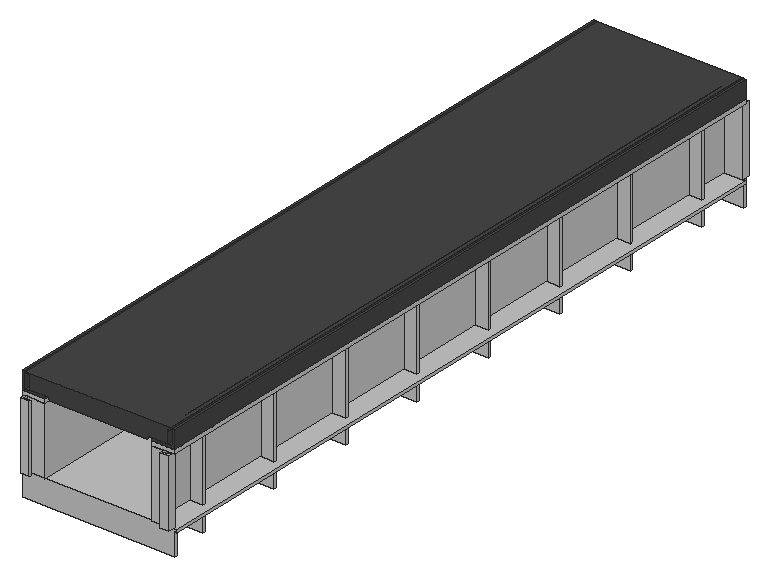
Revit family "Drain_Trench-Z874-U-12-HD", category Plumbing Fixtures, host Face, Revit 2020
Family settings
  Host = Face
  Round Connector Dimension = Use Radius
  Part Type = Normal
  OmniClass Number = 23.70.50.21.24
  OmniClass Title = Waste Water Drains
  Cut with Voids When Loaded = No
  Shared = No
  Room Calculation Point = No
Parameters (values of type "80 x 12 Wide Throat")
  Width of Throat = 1' - 0"
  Width = Width of Throat + 0' 5"  # 1' - 5"
  Waste Connection = no
  Vent Connection = no
  URL = "www.zurn.com"
  Trench Frame Depth = if(Frame Depth Specify 4.0 Min to 31.25 Max < 0' 4", 0' 4", if(Frame Depth Specify 4.0 Min to 31.25 Max > 2' 7 1/4", 2' 7 1/4", Frame Depth Specify 4.0 Min to 31.25 Max))  # 0' - 10"
  Sidewall = Polyethylene - Zurn Industries, LLC - High Density - Grey
  Product data url = "https://www.bimobject.com/en-us/zurnindustries/product/z874-u-12-utility-trench"
  Product Page URL = "https://www.zurn.com/products/building-drainage/trench-drainage/linear-trench-drain/sports-complex-recreational/z874-u-12-hd"
  Product Documentation Link = "https://www.zurn.com/media-library/web_documents/pdfs/specsheets/301354-pdf"
  Modified Date = ""
  Model = "Z874-U-12-HD"  # constant formula
  Manufacturer = "Zurn Industries, LLC"  # constant formula
  Length = 6' - 8"  # constant formula
  HW Connection = no
  Frame Depth Specify 4.0 Min to 31.25 Max = 0' - 10"
  Frame = Iron - Zurn Industries, LLC - Ductile - Painted Black
  Description = "Utility Trench with Steel Frame, 12 Inch Wide Throat Width and Cover"  # constant formula
  Default Elevation = 4' - 0"  # constant formula
  Date Created = "December 12, 2022"  # constant formula
  Cover = Iron - Zurn Industries, LLC - Ductile - Painted Black
  CW Connection = no
  Assembly Code = "D2030300"
Reference planes (in)
  plane 1 "Center (Front/Back)": y = 0
  plane 2: z = 0
  plane 3 "Center (Left/Right)": x = 0
  plane 4: y = 40
  plane 5: y = -40
  plane 6: z = -10
  plane 7: z = -12.75
  plane 8: y = -39.75
  plane 9: x = 8.333
  plane 10: x = 8.083
  plane 11: x = 7.333
  plane 12: y = -35
  plane 13: y = -34.875
  plane 14: y = -35.125
  plane 15: y = -25
  plane 16: y = -24.875
  plane 17: y = -25.125
  plane 18: y = -15
  plane 19: y = -14.875
  plane 20: y = -15.125
  plane 21: y = 24.87688
  plane 22: y = -5
  plane 23: y = 5
  plane 24: y = 15
  plane 25: y = 34.87688
  plane 26: y = -5
  plane 27: y = -4.875
  plane 28: y = -5.125
  plane 29: y = 5
  plane 30: y = 5.125
  plane 31: y = 4.875
  plane 32: y = 15
  plane 33: y = 15.125
  plane 34: y = 14.875
  plane 35: y = 24.87688
  plane 36: y = 25.00188
  plane 37: y = 24.75188
  plane 38: y = 34.87688
  plane 39: y = 35.00188
  plane 40: y = 34.75188
  plane 41: x = -8.5
  plane 42: x = 8.5
  plane 43: x = -8.25
  plane 44: x = 8.25
  plane 45: z = -2
  plane 46: z = -1.75
  plane 47: z = -2.25
  plane 48: z = -10.25
  plane 49: x = -6
  plane 50: x = 6
  plane 51: x = -8.333
  plane 52: x = -7.333
  plane 53: x = -8.083
  plane 54: x = -6.27
  plane 55: x = 6.27
  plane 56: x = 8.75
  plane 57: x = -8.75
  plane 58: y = 39.75
  plane 59: x = 7.77
  plane 60: y = -40.5625
  plane 61: y = 40.5625
  plane 62: y = 40.3125
  plane 63: y = -40.3125
  plane 64: x = -8.125
  plane 65: x = 8.125
  plane 66: z = -1.69
  plane 67: z = -2.13
  plane 68: x = 7.73
  plane 69: x = 7.38
  plane 70: z = -0.19
  plane 71: x = -7.73
  plane 72: x = -7.38
  plane 73: x = -5.75
  plane 74: x = 5.75
Forms (in)
  Extrusion 1, solid, material "Polyethylene - Zurn Industries, LLC - High Density - Grey" <- "Sidewall", detail levels fine
    sketch origin (0, 0, 0) x (1, 0, 0) y (0, 1, 0)
      loop
        line (6, -40) -> (8.083, -40) -> (8.083, -40.3125) -> (7.333, -40.3125) -> (7.333, -40.5625) -> (8.333, -40.5625) -> (8.333, -39.75) -> (6.27, -39.75) -> (6.27, -35.125) -> (7.77, -35.125) -> (7.77, -34.875) -> (6.27, -34.875) -> (6.27, -25.125) -> (7.77, -25.125) -> (7.77, -24.875) -> (6.27, -24.875) -> (6.27, -15.125) -> (7.77, -15.125) -> (7.77, -14.875) -> (6.27, -14.875) -> (6.27, -5.125) -> (7.77, -5.125) -> (7.77, -4.875) -> (6.27, -4.875) -> (6.27, 4.875) -> (7.77, 4.875) -> (7.77, 5.125) -> (6.27, 5.125) -> (6.27, 14.875) -> (7.77, 14.875) -> (7.77, 15.125) -> (6.27, 15.125) -> (6.27, 24.75188) -> (7.77, 24.75188) -> (7.77, 25.00188) -> (6.27, 25.00188) -> (6.27, 34.75188) -> (7.77, 34.75188) -> (7.77, 35.00188) -> (6.27, 35.00188) -> (6.27, 39.75) -> (8.333, 39.75) -> (8.333, 40.5625) -> (7.333, 40.5625) -> (7.333, 40.3125) -> (8.083, 40.3125) -> (8.083, 40) -> (6, 40) -> (6, -40)
    from -10 to -2.46852
  Extrusion 2, solid, material "Iron - Zurn Industries, LLC - Ductile - Painted Black" <- "Frame", detail levels fine
    sketch origin (0, 0, 0) x (1, 0, 0) y (0, 0, 1)
      loop
        line (6, -2) -> (8.5, -2) -> (8.5, 0) -> (8.25, 0) -> (8.25, -1.75) -> (6, -1.75) -> (6, -2)
      loop
        line (-6, -2) -> (-6, -1.75) -> (-8.25, -1.75) -> (-8.25, 0) -> (-8.5, 0) -> (-8.5, -2) -> (-6, -2)
    from -40 to 40
  Extrusion 3, solid, material "Polyethylene - Zurn Industries, LLC - High Density - Grey" <- "Sidewall", detail levels fine
    sketch origin (0, 0, 0) x (1, 0, 0) y (0, 1, 0)
      loop
        line (8.5, -40) -> (8.5, 40) -> (6, 40) -> (6, -40) -> (8.5, -40)
      loop
        line (-8.5, -40) -> (-6, -40) -> (-6, 40) -> (-8.5, 40) -> (-8.5, -40)
    from -2.46852 to -2
  Extrusion 4, solid, material "Polyethylene - Zurn Industries, LLC - High Density - Grey" <- "Sidewall", detail levels fine
    sketch origin (0, 0, 0) x (-1, 0, 0) y (0, -1, 0)
      loop
        line (6, 40) -> (6, -40) -> (8.083, -40) -> (8.083, -40.3125) -> (7.333, -40.3125) -> (7.333, -40.5625) -> (8.333, -40.5625) -> (8.333, -39.75) -> (6.27, -39.75) -> (6.27, -35.00188) -> (7.77, -35.00188) -> (7.77, -34.75188) -> (6.27, -34.75188) -> (6.27, -25.00188) -> (7.77, -25.00188) -> (7.77, -24.75188) -> (6.27, -24.75188) -> (6.27, -15.125) -> (7.77, -15.125) -> (7.77, -14.875) -> (6.27, -14.875) -> (6.27, -5.125) -> (7.77, -5.125) -> (7.77, -4.875) -> (6.27, -4.875) -> (6.27, 4.875) -> (7.77, 4.875) -> (7.77, 5.125) -> (6.27, 5.125) -> (6.27, 14.875) -> (7.77, 14.875) -> (7.77, 15.125) -> (6.27, 15.125) -> (6.27, 24.875) -> (7.77, 24.875) -> (7.77, 25.125) -> (6.27, 25.125) -> (6.27, 34.875) -> (7.77, 34.875) -> (7.77, 35.125) -> (6.27, 35.125) -> (6.27, 39.75) -> (8.333, 39.75) -> (8.333, 40.5625) -> (7.333, 40.5625) -> (7.333, 40.39) -> (8.083, 40.39) -> (8.083, 40) -> (6, 40)
    from -10 to -2.46852
  Extrusion 5, solid, material "Polyethylene - Zurn Industries, LLC - High Density - Grey" <- "Sidewall", detail levels fine
    sketch origin (0, 0, 0) x (1, 0, 0) y (0, 1, 0)
      loop
        line (-8.75, 39.75) -> (-8.75, -40) -> (8.75, -40) -> (8.75, 39.75) -> (-8.75, 39.75)
    from -10 to -10.25
  Extrusion 6, solid, material "Polyethylene - Zurn Industries, LLC - High Density - Grey" <- "Sidewall", detail levels fine
    sketch origin (0, 0, 0) x (1, 0, 0) y (0, 1, 0)
      loop
        line (8.5, 39.75) -> (8.5, 40) -> (-8.5, 40) -> (-8.5, 39.75) -> (8.5, 39.75)
      loop
        line (8.5, -39.75) -> (-8.5, -39.75) -> (-8.5, -40) -> (8.5, -40) -> (8.5, -39.75)
    from -10 to -12.75
  Extrusion 7, solid, material "Polyethylene - Zurn Industries, LLC - High Density - Grey" <- "Sidewall", detail levels fine
    sketch origin (0, 0, 0) x (1, 0, 0) y (0, 1, 0)
      loop
        line (7.77, -34.875) -> (-7.77, -34.875) -> (-7.77, -35.125) -> (7.77, -35.125) -> (7.77, -34.875)
    from -12.75 to -10.25
  Extrusion 8, solid, material "Polyethylene - Zurn Industries, LLC - High Density - Grey" <- "Sidewall", detail levels fine
    sketch origin (0, 10, 0) x (1, 0, 0) y (0, 1, 0)
      loop
        line (7.77, -34.875) -> (-7.77, -34.875) -> (-7.77, -35.125) -> (7.77, -35.125) -> (7.77, -34.875)
    from -12.75 to -10.25
  Extrusion 9, solid, material "Polyethylene - Zurn Industries, LLC - High Density - Grey" <- "Sidewall", detail levels fine
    sketch origin (0, 20, 0) x (1, 0, 0) y (0, 1, 0)
      loop
        line (7.77, -34.875) -> (-7.77, -34.875) -> (-7.77, -35.125) -> (7.77, -35.125) -> (7.77, -34.875)
    from -12.75 to -10.25
  Extrusion 10, solid, material "Polyethylene - Zurn Industries, LLC - High Density - Grey" <- "Sidewall", detail levels fine
    sketch origin (0, 30, 0) x (1, 0, 0) y (0, 1, 0)
      loop
        line (7.77, -34.875) -> (-7.77, -34.875) -> (-7.77, -35.125) -> (7.77, -35.125) -> (7.77, -34.875)
    from -12.75 to -10.25
  Extrusion 11, solid, material "Polyethylene - Zurn Industries, LLC - High Density - Grey" <- "Sidewall", detail levels fine
    sketch origin (0, 40, 0) x (1, 0, 0) y (0, 1, 0)
      loop
        line (7.77, -34.875) -> (-7.77, -34.875) -> (-7.77, -35.125) -> (7.77, -35.125) -> (7.77, -34.875)
    from -12.75 to -10.25
  Extrusion 12, solid, material "Polyethylene - Zurn Industries, LLC - High Density - Grey" <- "Sidewall", detail levels fine
    sketch origin (0, 50, 0) x (1, 0, 0) y (0, 1, 0)
      loop
        line (7.77, -34.875) -> (-7.77, -34.875) -> (-7.77, -35.125) -> (7.77, -35.125) -> (7.77, -34.875)
    from -12.75 to -10.25
  Extrusion 13, solid, material "Polyethylene - Zurn Industries, LLC - High Density - Grey" <- "Sidewall", detail levels fine
    sketch origin (0, 59.87688, 0) x (1, 0, 0) y (0, 1, 0)
      loop
        line (7.77, -34.875) -> (-7.77, -34.875) -> (-7.77, -35.125) -> (7.77, -35.125) -> (7.77, -34.875)
    from -12.75 to -10.25
  Extrusion 14, solid, material "Polyethylene - Zurn Industries, LLC - High Density - Grey" <- "Sidewall", detail levels fine
    sketch origin (0, 69.87688, 0) x (1, 0, 0) y (0, 1, 0)
      loop
        line (7.77, -34.875) -> (-7.77, -34.875) -> (-7.77, -35.125) -> (7.77, -35.125) -> (7.77, -34.875)
    from -12.75 to -10.25
  Extrusion 15, solid, material "Iron - Zurn Industries, LLC - Ductile - Painted Black" <- "Cover", detail levels fine
    sketch origin (0, 0, 0) x (1, 0, 0) y (0, 0, 1)
      loop
        line (8.125, 0) -> (-8.125, 0) -> (-8.125, -0.19) -> (-7.98, -0.19)
        arc (-7.98, -0.19) -> (-7.80322, -0.26322) -> (-7.73, -0.44) r 0.25
        line (-7.73, -0.44) -> (-7.73, -1.69) -> (-5.75, -1.69) -> (-5.44, -2) -> (5.41773, -2) -> (5.75, -1.69) -> (7.73, -1.69) -> (7.73, -0.44)
        arc (7.73, -0.44) -> (7.80322, -0.26322) -> (7.98, -0.19) r 0.25
        line (7.98, -0.19) -> (8.125, -0.19) -> (8.125, 0)
    from -40 to 40
  Extrusion 16, void, detail levels coarse+medium
    sketch origin (0, 0, 0) x (1, 0, 0) y (0, 1, 0)
      loop
        line (-8.75, 40.5625) -> (-8.75, -40.5625) -> (8.75, -40.5625) -> (8.75, 40.5625) -> (-8.75, 40.5625)
    from 0 to -12.75
Cuts and joins
  joined: Extrusion 5, Extrusion 6
Lines and regions (in)
  model lines, detail levels coarse+medium
    curve 1: line (-8.75, 40, 0) -> (8.75, 40, 0)
    curve 2: line (-8.75, -40, 0) -> (-8.75, 40, 0)
    curve 3: line (8.75, -40, 0) -> (-8.75, -40, 0)
    curve 4: line (8.75, 40, 0) -> (8.75, -40, 0)
    curve 5: line (-8.125, -40, 0) -> (-8.125, 40, 0)
    curve 6: line (8.125, 40, 0) -> (8.125, -40, 0)
  symbolic lines
    curve 7: line (-8.5, 0, 0) -> (-8.5, 0, -2.46852)
    curve 8: line (-8.5, 0, -2.46852) -> (-8.333, 0, -2.46852)
    curve 9: line (-8.333, 0, -2.46852) -> (-8.333, 0, -10)
    curve 10: line (-8.333, 0, -10) -> (-8.75, 0, -10)
    curve 11: line (-8.75, 0, -10) -> (-8.75, 0, -10.25)
    curve 12: line (-8.75, 0, -10.25) -> (-8.5, 0, -10.25)
    curve 13: line (-8.5, 0, -10.25) -> (-8.5, 0, -12.75)
    curve 14: line (-8.5, 0, -12.75) -> (8.5, 0, -12.75)
    curve 15: line (8.5, 0, -12.75) -> (8.5, 0, -10.25)
    curve 16: line (8.5, 0, -10.25) -> (8.75, 0, -10.25)
    curve 17: line (8.75, 0, -10.25) -> (8.75, 0, -10)
    curve 18: line (8.75, 0, -10) -> (8.333, 0, -10)
    curve 19: line (8.333, 0, -10) -> (8.333, 0, -2.46852)
    curve 20: line (8.333, 0, -2.46852) -> (8.5, 0, -2.46852)
    curve 21: line (8.5, 0, -2.46852) -> (8.5, 0, 0)
    curve 22: line (8.5, 0, 0) -> (-8.5, 0, 0)
    curve 23: line (-8.333, 0, -10) -> (8.333, 0, -10)
    curve 24: line (-8.333, 0, -2.46852) -> (-6, 0, -2.46852)
    curve 25: line (8.333, 0, -2.46852) -> (6, 0, -2.46852)
    curve 26: line (-6, 0, -1.75) -> (-6, 0, -10)
    curve 27: line (-8.25, 0, 0) -> (-8.25, 0, -1.75)
    curve 28: line (-8.25, 0, -1.75) -> (-6, 0, -1.75)
    curve 30: line (6, 0, -10) -> (6, 0, -1.75)
    curve 31: line (6, 0, -1.75) -> (8.25, 0, -1.75)
    curve 32: line (8.25, 0, -1.75) -> (8.25, 0, 0)
    curve 34: line (-8.125, 0, -0.04596) -> (-8.125, 0, -0.19)
    curve 35: line (-8.125, 0, -0.19) -> (-7.73, 0, -0.19)
    curve 36: line (-7.73, 0, -0.19) -> (-7.73, 0, -1.69)
    curve 37: line (-7.73, 0, -1.69) -> (-5.75, 0, -1.69)
    curve 38: line (-5.75, 0, -1.69) -> (-5.44, 0, -2)
    curve 39: line (-5.44, 0, -2) -> (5.41773, 0, -2)
    curve 40: line (5.41773, 0, -2) -> (5.75, 0, -1.69)
    curve 41: line (5.75, 0, -1.69) -> (7.73, 0, -1.69)
    curve 42: line (7.73, 0, -1.69) -> (7.73, 0, -0.19)
    curve 43: line (7.73, 0, -0.19) -> (8.18459, 0, -0.19)
    curve 44: line (8.18459, 0, -0.19) -> (8.18459, 0, 0)
    curve 45: line (0, -40.5625, -2.46852) -> (0, -40, -2.46852)
    curve 46: line (0, -40, -2.46852) -> (0, -40, 0)
    curve 47: line (0, -40, 0) -> (0, 40, 0)
    curve 48: line (0, 40, 0) -> (0, 40, -2.46852)
    curve 49: line (0, 40, -2.46852) -> (0, 40.5625, -2.46852)
    curve 50: line (0, 40.5625, -2.46852) -> (0, 40.5625, -10)
    curve 51: line (0, 40.5625, -10) -> (0, 40, -10)
    curve 52: line (0, 40, -10) -> (0, 40, -12.75)
    curve 53: line (0, 40, -12.75) -> (0, 39.75, -12.75)
    curve 54: line (0, 39.75, -12.75) -> (0, 39.75, -10.25)
    curve 55: line (0, 39.75, -10.25) -> (0, 35.00188, -10.25)
    curve 56: line (0, 35.00188, -10.25) -> (0, 35.00188, -12.75)
    curve 57: line (0, 35.00188, -12.75) -> (0, 34.75188, -12.75)
    curve 58: line (0, 34.75188, -12.75) -> (0, 34.75188, -10.25)
    curve 59: line (0, 34.75188, -10.25) -> (0, 25.00188, -10.25)
    curve 60: line (0, 25.00188, -10.25) -> (0, 25.00188, -12.75)
    curve 61: line (0, 25.00188, -12.75) -> (0, 24.75188, -12.75)
    curve 62: line (0, 24.75188, -12.75) -> (0, 24.75188, -10.25)
    curve 63: line (0, 24.75188, -10.25) -> (0, 15.125, -10.25)
    curve 64: line (0, 15.125, -10.25) -> (0, 15.125, -12.75)
    curve 65: line (0, 15.125, -12.75) -> (0, 14.875, -12.75)
    curve 66: line (0, 14.875, -12.75) -> (0, 14.875, -10.25)
    curve 67: line (0, 14.875, -10.25) -> (0, 5.125, -10.25)
    curve 68: line (0, 5.125, -10.25) -> (0, 5.125, -12.75)
    curve 69: line (0, 5.125, -12.75) -> (0, 4.875, -12.75)
    curve 70: line (0, 4.875, -12.75) -> (0, 4.875, -10.25)
    curve 71: line (0, 4.875, -10.25) -> (0, -4.875, -10.25)
    curve 72: line (0, -4.875, -10.25) -> (0, -4.875, -12.75)
    curve 73: line (0, -4.875, -12.75) -> (0, -5.125, -12.75)
    curve 74: line (0, -5.125, -12.75) -> (0, -5.125, -10.25)
    curve 75: line (0, -5.125, -10.25) -> (0, -14.875, -10.25)
    curve 76: line (0, -14.875, -10.25) -> (0, -14.875, -12.75)
    curve 77: line (0, -14.875, -12.75) -> (0, -15.125, -12.75)
    curve 78: line (0, -15.125, -12.75) -> (0, -15.125, -10.25)
    curve 79: line (0, -15.125, -10.25) -> (0, -24.875, -10.25)
    curve 80: line (0, -24.875, -10.25) -> (0, -24.875, -12.75)
    curve 81: line (0, -24.875, -12.75) -> (0, -25.125, -12.75)
    curve 82: line (0, -25.125, -12.75) -> (0, -25.125, -10.25)
    curve 83: line (0, -25.125, -10.25) -> (0, -34.875, -10.25)
    curve 84: line (0, -34.875, -10.25) -> (0, -34.875, -12.75)
    curve 85: line (0, -34.875, -12.75) -> (0, -35.125, -12.75)
    curve 86: line (0, -35.125, -12.75) -> (0, -35.125, -10.25)
    curve 87: line (0, -35.125, -10.25) -> (0, -39.75, -10.25)
    curve 88: line (0, -39.75, -10.25) -> (0, -39.75, -12.75)
    curve 89: line (0, -39.75, -12.75) -> (0, -40, -12.75)
    curve 90: line (0, -40, -12.75) -> (0, -40, -10)
    curve 91: line (0, -40, -10) -> (0, -40.5625, -10)
    curve 92: line (0, -40.5625, -10) -> (0, -40.5625, -2.46852)
    curve 95: line (0, 40, -2.46852) -> (0, -40, -2.46852)
    curve 96: line (-8.75, 40.5625, 0) -> (8.75, 40.5625, 0)
    curve 97: line (-8.75, -40.5625, 0) -> (-8.75, 40.5625, 0)
    curve 98: line (8.75, -40.5625, 0) -> (-8.75, -40.5625, 0)
    curve 99: line (8.75, 40.5625, 0) -> (8.75, -40.5625, 0)
    curve 100: line (-8.5, 40, 0) -> (8.5, 40, 0)
    curve 101: line (-8.5, -40, 0) -> (-8.5, 40, 0)
    curve 102: line (8.5, -40, 0) -> (-8.5, -40, 0)
    curve 103: line (8.5, 40, 0) -> (8.5, -40, 0)
  symbolic lines, detail levels fine
    curve 29: line (-8.5, 0, -2) -> (-6, 0, -2)
    curve 33: line (6, 0, -2) -> (8.5, 0, -2)
    curve 93: line (0, 40, -10) -> (0, -40, -10)
    curve 94: line (0, -40, -2) -> (0, 40, -2)
    curve 104: line (-8.125, -40, 0) -> (-8.125, 40, 0)
    curve 105: line (8.125, 40, 0) -> (8.125, -40, 0)
Dimensions and locks (in)
  equal spacing: plane 5, plane 1 "Center (Front/Back)", plane 4
  plane 5 to plane 4 = 6' - 8"
  "Trench Frame Depth": level to plane 6
  locked: plane 5 to plane 8 at 0.25
  locked: plane 5 to plane 12 at 5
  plane 13 to plane 12 to plane 14 = 0' - 0 1/8", 0' - 0 1/8"
  locked: plane 12 to plane 15 at 10
  plane 17 to plane 15 to plane 16 = 0' - 0 1/8" locked, 0' - 0 1/8" locked
  plane 20 to plane 18 to plane 19 = 0' - 0 1/8" locked, 0' - 0 1/8" locked
  locked: plane 15 to plane 18 at 10
  plane 18 to plane 22 to plane 23 to plane 24 to plane 21 = 0' - 10" locked, 0' - 10" locked, 0' - 10" locked, 0' - 9.87688" locked
  locked: plane 21 to plane 25 at 10
  plane 28 to plane 26 to plane 27 = 0' - 0 1/8" locked, 0' - 0 1/8" locked
  plane 31 to plane 29 to plane 30 = 0' - 0 1/8" locked, 0' - 0 1/8" locked
  plane 34 to plane 32 to plane 33 = 0' - 0 1/8" locked, 0' - 0 1/8" locked
  plane 37 to plane 35 to plane 36 = 0' - 0 1/8" locked, 0' - 0 1/8" locked
  plane 40 to plane 38 to plane 39 = 0' - 0 1/8" locked, 0' - 0 1/8" locked
  equal spacing: plane 41, plane 3 "Center (Left/Right)", plane 42
  "Width": plane 41 to plane 42
  locked: plane 44 to plane 42 at 0.25
  locked: plane 41 to plane 43 at 0.25
  locked: plane 2 to plane 45 at 2
  locked: plane 46 to plane 45 at 0.25
  locked: plane 45 to plane 47 at 0.25
  locked: plane 6 to plane 48 at 0.25
  locked: plane 6 to plane 7 at 2.75
  locked: plane 50 to plane 9 at 2.333
  plane 10 to plane 9 = 0' - 0 1/4"
  plane 11 to plane 9 = 0' - 1"
  locked: plane 51 to plane 49 at 2.333
  locked: plane 51 to plane 52 at 1
  locked: plane 51 to plane 53 at 0.25
  locked: plane 50 to plane 55 at 0.27
  locked: plane 54 to plane 49 at 0.27
  plane 50 to plane 56 = 0' - 2 3/4"
  locked: plane 57 to plane 49 at 2.75
  equal spacing: plane 49, plane 3 "Center (Left/Right)", plane 50
  "Width of Throat": plane 49 to plane 50
  locked: plane 50 to plane 59 at 1.77
  locked: plane 58 to plane 4 at 0.25
  locked: plane 60 to plane 1 "Center (Front/Back)" at 40.5625
  locked: plane 1 "Center (Front/Back)" to plane 61 at 40.5625
  plane 4 to plane 61 = 0' - 0 9/16"
  locked: plane 62 to plane 61 at 0.25
  locked: plane 60 to plane 5 at 0.5625
  locked: plane 60 to plane 63 at 0.25
  locked: plane 44 to plane 65 at 0.125
  locked: plane 64 to plane 43 at 0.125
  locked: plane 2 to plane 66 at 1.69
  locked: plane 2 to plane 67 at 2.13
  locked: plane 65 to plane 68 at 0.395
  locked: plane 68 to plane 69 at 0.35
  locked: plane 71 to plane 72 at 0.35
  locked: plane 71 to plane 64 at 0.395
  locked: plane 2 to plane 70 at 0.19
  locked: plane 73 to plane 49 at 0.25
  locked: plane 50 to plane 74 at 0.25
  aligned and locked: plane 2 to host face
  aligned and locked: Extrusion 1 sketch curve to Extrusion 1 sketch curve  (x12)
  aligned and locked: Extrusion 1 sketch curve to plane 39
  aligned and locked: Extrusion 1 sketch curve to plane 40
  aligned and locked: Extrusion 1 sketch curve to plane 36
  aligned and locked: Extrusion 1 sketch curve to plane 37
  aligned and locked: Extrusion 1 sketch curve to plane 9
  aligned and locked: Extrusion 1 sketch curve to plane 4
  aligned and locked: Extrusion 2 sketch curve to plane 45
  aligned and locked: Extrusion 2 sketch curve to plane 46  (x2)
  aligned and locked: Extrusion 2 sketch curve to plane 44
  aligned and locked: plane 42 to Extrusion 2 sketch curve
  aligned and locked: Extrusion 2 to plane 4
  aligned and locked: Extrusion 2 to plane 5
  aligned and locked: Extrusion 3 sketch curve to plane 4
  aligned and locked: plane 45 to Extrusion 3
  aligned and locked: plane 41 to Extrusion 2 sketch curve
  aligned and locked: Extrusion 2 sketch curve to plane 43
  aligned and locked: plane 45 to Extrusion 2 sketch curve
  aligned and locked: Extrusion 2 sketch curve to plane 49
  aligned and locked: Extrusion 1 sketch curve to plane 55  (x2)
  aligned and locked: plane 58 to Extrusion 1 sketch curve
  aligned and locked: Extrusion 1 sketch curve to plane 59  (x2)
  aligned and locked: plane 34 to Extrusion 1 sketch curve
  aligned and locked: plane 50 to Extrusion 1 sketch curve
  aligned and locked: Extrusion 1 sketch curve to plane 5
  aligned and locked: plane 11 to Extrusion 1 sketch curve
  aligned and locked: plane 9 to Extrusion 1 sketch curve
  aligned and locked: Extrusion 1 sketch curve to plane 10
  aligned and locked: Extrusion 1 sketch curve to plane 8
  aligned and locked: Extrusion 4 sketch curve to Extrusion 4 sketch curve  (x12)
  aligned and locked: Extrusion 5 sketch curve to plane 5
  aligned and locked: Extrusion 5 sketch curve to plane 57
  aligned and locked: Extrusion 5 sketch curve to plane 56
  aligned and locked: Extrusion 5 to Extrusion 6 sketch curve
  aligned and locked: plane 4 to Extrusion 6 sketch curve
  aligned and locked: Extrusion 6 to plane 7
  aligned and locked: Extrusion 6 to plane 6
  aligned and locked: plane 41 to Extrusion 6 sketch curve
  aligned and locked: Extrusion 6 sketch curve to plane 42
  aligned and locked: Extrusion 4 sketch curve to plane 61
  aligned and locked: plane 61 to Extrusion 1 sketch curve
  aligned and locked: plane 62 to Extrusion 1 sketch curve
  aligned and locked: plane 62 to Extrusion 4 sketch curve
  aligned and locked: plane 60 to Extrusion 4 sketch curve
  aligned and locked: plane 63 to Extrusion 1 sketch curve
  aligned and locked: Extrusion 1 sketch curve to plane 60
  aligned and locked: Extrusion 7 sketch curve to Extrusion 1  (x2)
  aligned and locked: Extrusion 7 sketch curve to Extrusion 4  (x2)
  aligned and locked: Extrusion 7 to plane 48
  aligned and locked: plane 7 to Extrusion 7
  aligned and locked: Extrusion 15 sketch curve to plane 70  (x2)
  aligned and locked: Extrusion 15 sketch curve to plane 66  (x2)
  aligned and locked: Extrusion 15 to plane 5
  aligned and locked: Extrusion 15 to plane 4
  aligned and locked: plane 6 to Extrusion 1
  aligned and locked: Extrusion 4 to plane 6
  aligned and locked: Extrusion 15 sketch curve to level
  aligned and locked: level to Extrusion 15
  aligned and locked: level to Extrusion 2  (x2)
  aligned and locked: plane 70 to Extrusion 15
  aligned and locked: Extrusion 15 to plane 70
  aligned and locked: plane 66 to Extrusion 15
  aligned and locked: Extrusion 15 to plane 66
  aligned and locked: level to Extrusion 2 sketch curve
  aligned and locked: Extrusion 2 sketch curve to level
  aligned and locked: Extrusion 3 sketch curve to plane 42
  aligned and locked: plane 6 to cut or joined group of Extrusion 5, Extrusion 6
  aligned and locked: cut or joined group of Extrusion 5, Extrusion 6 to plane 48
  aligned and locked: plane 48 to Extrusion 8
  aligned and locked: Extrusion 8 to plane 7
  aligned and locked: Extrusion 9 to plane 7
  aligned and locked: Extrusion 9 to plane 48
  aligned and locked: Extrusion 10 to plane 7
  aligned and locked: Extrusion 10 to plane 48
  aligned and locked: Extrusion 11 to plane 7
  aligned and locked: Extrusion 11 to plane 48
  aligned and locked: Extrusion 12 to plane 7
  aligned and locked: Extrusion 12 to plane 48
  aligned and locked: Extrusion 13 to plane 7
  aligned and locked: Extrusion 13 to plane 48
  aligned and locked: Extrusion 14 to plane 7
  aligned and locked: Extrusion 14 to plane 48
  aligned and locked: Extrusion 6 sketch curve to plane 8
  aligned and locked: Extrusion 6 sketch curve to plane 5
  aligned and locked: Extrusion 6 sketch curve to Extrusion 2
  aligned and locked: Extrusion 2 to Extrusion 6 sketch curve
  aligned and locked: Extrusion 3 sketch curve to plane 5  (x2)
  aligned and locked: Extrusion 15 sketch curve to plane 45
  aligned and locked: curve 3 to plane 5
  aligned and locked: plane 4 to curve 1
  aligned and locked: curve 4 to plane 56
  aligned and locked: curve 2 to plane 57
  aligned and locked: curve 6 to plane 65
  aligned and locked: plane 64 to curve 5
  aligned and locked: Extrusion 16 sketch curve to plane 61
  aligned and locked: Extrusion 16 sketch curve to plane 56
  aligned and locked: Extrusion 16 sketch curve to plane 57
  aligned and locked: Extrusion 16 sketch curve to plane 60
  aligned and locked: Extrusion 16 to level
  aligned and locked: Extrusion 16 to plane 7
  aligned and locked: plane 9 to curve 19
  aligned and locked: Extrusion 3 to curve 20
  aligned and locked: plane 42 to curve 21
  aligned and locked: curve 18 to plane 6
  aligned and locked: plane 56 to curve 17
  aligned and locked: plane 48 to curve 16
  aligned and locked: plane 42 to curve 15
  aligned and locked: curve 14 to plane 7
  aligned and locked: curve 12 to plane 48
  aligned and locked: curve 13 to plane 41
  aligned and locked: plane 57 to curve 11
  aligned and locked: curve 7 to plane 41
  aligned and locked: curve 8 to Extrusion 4
  aligned and locked: plane 51 to curve 9
  aligned and locked: curve 23 to plane 6
  aligned and locked: curve 26 to plane 49
  aligned and locked: curve 28 to plane 46
  aligned and locked: curve 27 to plane 43
  aligned and locked: curve 29 to plane 45
  aligned and locked: plane 44 to curve 32
  aligned and locked: plane 46 to curve 31
  aligned and locked: plane 50 to curve 30
  aligned and locked: curve 33 to plane 45
  aligned and locked: curve 34 to plane 64
  aligned and locked: curve 35 to plane 70
  aligned and locked: plane 71 to curve 36
  aligned and locked: curve 37 to plane 66
  aligned and locked: plane 70 to curve 43
  aligned and locked: plane 68 to curve 42
  aligned and locked: plane 66 to curve 41
  aligned and locked: Extrusion 15 to plane 45
  aligned and locked: curve 47 to level
  aligned and locked: curve 46 to plane 5
  aligned and locked: curve 45 to Extrusion 1
  aligned and locked: curve 92 to plane 60
  aligned and locked: curve 91 to plane 6
  aligned and locked: curve 90 to cut or joined group of Extrusion 5, Extrusion 6
  aligned and locked: curve 89 to plane 7
  aligned and locked: curve 88 to cut or joined group of Extrusion 5, Extrusion 6
  aligned and locked: curve 87 to plane 48
  aligned and locked: curve 83 to plane 48
  aligned and locked: curve 79 to plane 48
  aligned and locked: curve 71 to plane 48
  aligned and locked: curve 75 to plane 48
  aligned and locked: curve 55 to plane 48
  aligned and locked: curve 59 to plane 48
  aligned and locked: curve 63 to plane 48
  aligned and locked: curve 67 to plane 48
  aligned and locked: curve 52 to cut or joined group of Extrusion 5, Extrusion 6
  aligned and locked: curve 53 to plane 7
  aligned and locked: curve 54 to cut or joined group of Extrusion 5, Extrusion 6
  aligned and locked: curve 57 to plane 7
  aligned and locked: curve 56 to Extrusion 14
  aligned and locked: curve 58 to Extrusion 14
  aligned and locked: curve 61 to plane 7
  aligned and locked: curve 60 to Extrusion 13
  aligned and locked: curve 62 to Extrusion 13
  aligned and locked: curve 65 to plane 7
  aligned and locked: curve 64 to Extrusion 12
  aligned and locked: curve 66 to Extrusion 12
  aligned and locked: curve 69 to plane 7
  aligned and locked: curve 68 to Extrusion 11
  aligned and locked: curve 70 to Extrusion 11
  aligned and locked: curve 73 to plane 7
  aligned and locked: curve 72 to Extrusion 10
  aligned and locked: curve 74 to Extrusion 10
  aligned and locked: curve 77 to plane 7
  aligned and locked: curve 76 to Extrusion 9
  aligned and locked: curve 78 to Extrusion 9
  aligned and locked: curve 81 to plane 7
  aligned and locked: curve 80 to Extrusion 8
  aligned and locked: curve 82 to Extrusion 8
  aligned and locked: curve 85 to plane 7
  aligned and locked: curve 84 to Extrusion 7
  aligned and locked: curve 86 to Extrusion 7
  aligned and locked: plane 4 to curve 48
  aligned and locked: curve 49 to Extrusion 1
  aligned and locked: curve 50 to plane 61
  aligned and locked: curve 51 to plane 6
  aligned and locked: curve 51 to curve 93
  aligned and locked: curve 94 to Extrusion 2
  aligned and locked: curve 97 to plane 57
  aligned and locked: curve 98 to plane 60
  aligned and locked: curve 99 to curve 4
  aligned and locked: plane 4 to curve 100
  aligned and locked: curve 103 to plane 42
  aligned and locked: curve 101 to plane 41
  aligned and locked: curve 102 to plane 5
  aligned and locked: plane 64 to curve 104
  aligned and locked: curve 105 to plane 65
Automatic sketch dimensions
  host sketch curve to host sketch curve = 8' - 0"  (x2)
  Extrusion 1 sketch curve to plane 31 = 0' - 0"
  Extrusion 1 sketch curve to plane 55 = 0' - 0"
  Extrusion 1 sketch curve to plane 11 = 0' - 0"
  Extrusion 1 sketch curve to plane 10 = 0' - 0"
  Extrusion 1 sketch curve to plane 14 = 0' - 0"
  plane 13 to Extrusion 1 sketch curve = 0' - 0"
  Extrusion 1 sketch curve to plane 17 = 0' - 0"
  plane 16 to Extrusion 1 sketch curve = 0' - 0"
  Extrusion 1 sketch curve to plane 20 = 0' - 0"
  plane 19 to Extrusion 1 sketch curve = 0' - 0"
  Extrusion 1 sketch curve to plane 28 = 0' - 0"
  plane 27 to Extrusion 1 sketch curve = 0' - 0"
  plane 30 to Extrusion 1 sketch curve = 0' - 0"
  plane 33 to Extrusion 1 sketch curve = 0' - 0"
  Extrusion 2 sketch curve to plane 50 = 0' - 0"
  Extrusion 5 sketch curve to plane 58 = 0' - 0"
  Extrusion 8 sketch curve to plane 16 = 0' - 0"
  Extrusion 8 sketch curve to plane 17 = 0' - 0"
  Extrusion 8 sketch curve to plane 59 = 0' - 0"
  Extrusion 8 sketch curve to plane 53 = 0' - 0.313"
  Extrusion 9 sketch curve to plane 19 = 0' - 0"
  Extrusion 9 sketch curve to plane 20 = 0' - 0"
  Extrusion 9 sketch curve to plane 59 = 0' - 0"
  Extrusion 9 sketch curve to plane 53 = 0' - 0.313"
  Extrusion 10 sketch curve to plane 27 = 0' - 0"
  Extrusion 10 sketch curve to plane 28 = 0' - 0"
  Extrusion 10 sketch curve to plane 59 = 0' - 0"
  Extrusion 10 sketch curve to plane 53 = 0' - 0.313"
  Extrusion 11 sketch curve to plane 30 = 0' - 0"
  Extrusion 11 sketch curve to plane 31 = 0' - 0"
  Extrusion 11 sketch curve to plane 59 = 0' - 0"
  Extrusion 11 sketch curve to plane 53 = 0' - 0.313"
  Extrusion 12 sketch curve to plane 33 = 0' - 0"
  Extrusion 12 sketch curve to plane 34 = 0' - 0"
  Extrusion 12 sketch curve to plane 59 = 0' - 0"
  Extrusion 12 sketch curve to plane 53 = 0' - 0.313"
  Extrusion 13 sketch curve to plane 36 = 0' - 0"
  Extrusion 13 sketch curve to plane 37 = 0' - 0"
  Extrusion 13 sketch curve to plane 59 = 0' - 0"
  Extrusion 13 sketch curve to plane 53 = 0' - 0.313"
  Extrusion 14 sketch curve to plane 39 = 0' - 0"
  Extrusion 14 sketch curve to plane 40 = 0' - 0"
  Extrusion 14 sketch curve to plane 59 = 0' - 0"
  Extrusion 14 sketch curve to plane 53 = 0' - 0.313"
  Extrusion 3 sketch curve to plane 41 = 0' - 0"
  Extrusion 3 sketch curve to plane 49 = 0' - 0"
  Extrusion 3 sketch curve to plane 50 = 0' - 0"
  plane 4 to Extrusion 3 sketch curve = 0' - 0"
  Extrusion 4 sketch curve to plane 5 = 0' - 0"
  Extrusion 4 sketch curve to plane 49 = 0' - 0"
  Extrusion 4 sketch curve to plane 31 = 0' - 0"
  Extrusion 4 sketch curve to plane 54 = 0' - 0"  (x3)
  Extrusion 4 sketch curve to plane 36 = 0' - 0"
  Extrusion 4 sketch curve to plane 39 = 0' - 0"
  Extrusion 4 sketch curve to plane 52 = 0' - 0"  (x2)
  Extrusion 4 sketch curve to plane 33 = 0' - 0"
  Extrusion 4 sketch curve to plane 28 = 0' - 0"
  Extrusion 4 sketch curve to plane 37 = 0' - 0"
  Extrusion 4 sketch curve to plane 19 = 0' - 0"
  Extrusion 4 sketch curve to plane 20 = 0' - 0"
  Extrusion 4 sketch curve to plane 27 = 0' - 0"
  Extrusion 4 sketch curve to plane 34 = 0' - 0"
  Extrusion 4 sketch curve to plane 16 = 0' - 0"
  Extrusion 4 sketch curve to plane 17 = 0' - 0"
  Extrusion 4 sketch curve to plane 13 = 0' - 0"
  Extrusion 4 sketch curve to plane 14 = 0' - 0"
  Extrusion 4 sketch curve to plane 40 = 0' - 0"
  Extrusion 4 sketch curve to plane 30 = 0' - 0"
  Extrusion 4 sketch curve to plane 53 = 0' - 0"  (x2)
  plane 4 to Extrusion 4 sketch curve = 0' - 0"
  Extrusion 4 sketch curve to plane 8 = 0' - 0"
  Extrusion 4 sketch curve to plane 51 = 0' - 0"  (x2)
  Extrusion 4 sketch curve to plane 58 = 0' - 0"
  Extrusion 4 sketch curve to plane 71 = 0' - 0.04"  (x2)
  Extrusion 4 sketch curve to plane 63 = 0' - 0.0775"
  Extrusion 15 sketch curve to plane 64 = 0' - 0"
  plane 71 to Extrusion 15 sketch curve = 0' - 0"
  Extrusion 15 sketch curve to plane 68 = 0' - 0"
  Extrusion 15 sketch curve to plane 65 = 0' - 0"
  Extrusion 15 sketch curve to plane 53 = 0' - 0.103"
  plane 49 to Extrusion 15 sketch curve = 0' - 0.56"
  Extrusion 15 sketch curve to plane 10 = 0' - 0.103"
  Extrusion 15 sketch curve to plane 50 = 0' - 0.58227"
  Extrusion 15 sketch curve to Extrusion 15 sketch curve = 0' - 0.33227"
  Extrusion 15 sketch curve to Extrusion 15 sketch curve = 0' - 0.31"
  curve 37 to plane 73 = 0' - 0"
  curve 38 to plane 45 = 0' - 0"
  plane 74 to curve 40 = 0' - 0"
  curve 30 to plane 6 = 0' - 0"
  curve 27 to level = 0' - 0"
  plane 73 to curve 38 = 0' - 0.31"
  plane 74 to curve 39 = 0' - 0.33227"
  plane 65 to curve 44 = 0' - 0.05959"
  curve 34 to level = 0' - 0.04596"
  plane 5 to curve 5 = 0' - 0"
  curve 99 to plane 61 = 0' - 0"
